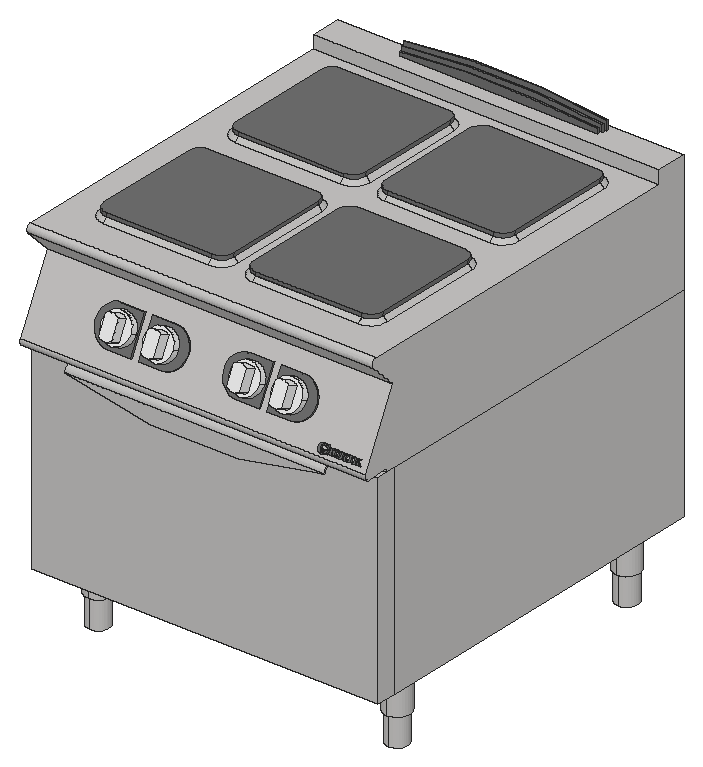
Revit family "QF_GIORIK_CE94QE", category Specialty Equipment, Revit 2014
Parameters (values of type "CE94QE")
  Weight in Pounds = 341.7161
  Watts = 22000 W
  Volts = 400 V
  URL Cutsheet = "www.giorik.com"
  URL = "www.giorik.com"
  Status [instance] = ""
  Specification by User [instance] = ""
  Specification by Manufacturer = ""
  Show Logo [instance] = yes
  Show Clearance [instance] = yes
  Serial Number = ""
  Seismic Rating = ""
  SMACNA No = ""
  Revision Code [instance] = ""
  Phase = 3
  Number of Poles [instance] = 3
  NAFEM Spec ID Number = ""
  Model = "CE94QE"
  Min Ckt Ampacity = 0 A
  Max Overcurrent Protection = 0 A
  Masterspec = ""
  Manufacturer = "GIORIK"
  Item Number [instance] = ""
  Installed By [instance] = ""
  Identify Quantity as Lot [instance] = no
  HP = "29.502440000000"
  Furnished By [instance] = ""
  Foodservice Equipment Identifier [instance] = yes
  FL Amps = 0 A
  Electrical Remarks [instance] = ""
  Electric Connection Type [instance] = ""
  Elec Conn RI Height [instance] = 0 mm
  Elec Conn Connection Height [instance] = 150 mm
  Description = "4 ELECTRIC PLATE HOB ON ELECTRIC OVEN"
  Cycle = 50 Hz
  Conn Plug = ""
  CSI MasterFormat = ""
  Assembly Code = "E1090320"
  Apparent Power = 22000 VA
Reference planes
  plane 1 "Back": y = 0
  plane 2: z = 0
  plane 3 "Left": x = 0
  plane 4 "Right": x = 800
  plane 5 "Front": y = -920
  plane 6 "Top": z = 900
Forms (mm)
  Extrusion 1, solid, visible <- "Show Logo"
    sketch origin (591.604, -936.624, 609.486) x (-1, 0, 0) y (0, 0.452718, 0.891654)
      loop
        line (-118.824, 58.358) -> (-127.804, 58.358) -> (-125.523, 56.445) -> (-125.523, 48.027) -> (-127.804, 46.113) -> (-118.824, 46.113) -> (-121.105, 48.027) -> (-121.105, 56.445) -> (-118.824, 58.358)
      loop
        line (-163.721, 58.358) -> (-172.7, 58.358) -> (-170.42, 56.445) -> (-170.42, 48.027) -> (-172.7, 46.113) -> (-163.721, 46.113) -> (-166.001, 48.027) -> (-166.001, 56.445) -> (-163.721, 58.358)
      loop
        line (-174.332, 58.358) -> (-183.312, 58.358) -> (-181.031, 56.445) -> (-181.031, 52.435) -> (-186.419, 56.955) -> (-184.416, 58.358) -> (-191.268, 58.358) -> (-188.01, 56.839) -> (-185.455, 54.283) -> (-190.846, 47.858) -> (-193.396, 46.93) -> (-193.396, 46.113) -> (-184.416, 46.113) -> (-185.437, 47.571) -> (-182.443, 51.552) -> (-181.031, 50.894) -> (-181.031, 48.027) -> (-183.312, 46.113) -> (-174.332, 46.113) -> (-176.613, 48.027) -> (-176.613, 56.445) -> (-174.332, 58.358)
      loop
        line (-115.429, 62.063) -> (-115.429, 54.198)
        arc (-115.429, 54.198) -> (-111.618, 57.803) -> (-106.847, 59.986) r 16.039
        arc (-106.847, 59.986) -> (-103.314, 59.837) -> (-100.512, 57.68) r 5.851
        arc (-100.512, 57.68) -> (-98.815, 52.267) -> (-100.512, 46.853) r 9.479
        arc (-100.512, 46.853) -> (-102.406, 44.986) -> (-104.846, 43.93) r 7.236
        arc (-104.846, 43.93) -> (-107.728, 44.111) -> (-110.052, 45.825) r 5.11
        line (-110.052, 45.825) -> (-110.052, 52.001) -> (-116.141, 52.001) -> (-116.141, 45.503) -> (-117.893, 43.751) -> (-114.094, 44.769)
        arc (-114.094, 44.769) -> (-112.56, 44.947) -> (-111.129, 44.366) r 3.115
        arc (-111.129, 44.366) -> (-104.216, 42.091) -> (-97.303, 44.366) r 11.641
        arc (-97.303, 44.366) -> (-93.396, 52.107) -> (-97.303, 59.849) r 9.622
        arc (-97.303, 59.849) -> (-104.369, 62.174) -> (-111.435, 59.849) r 11.898
        line (-111.435, 59.849) -> (-115.429, 62.063)
      loop
        arc (-129.234, 56.068) -> (-135.893, 58.628) -> (-142.552, 56.068) r 9.941
        arc (-142.552, 56.068) -> (-144.234, 52.286) -> (-142.552, 48.505) r 5.093
        arc (-142.552, 48.505) -> (-135.893, 45.945) -> (-129.234, 48.505) r 9.941
        arc (-129.234, 48.505) -> (-127.552, 52.286) -> (-129.234, 56.068) r 5.093
      loop
        arc (-132.628, 54.403) -> (-135.893, 57.668) -> (-139.158, 54.403) r 3.265
        line (-139.158, 54.403) -> (-139.158, 50.169)
        arc (-139.158, 50.169) -> (-135.893, 46.904) -> (-132.628, 50.169) r 3.265
        line (-132.628, 50.169) -> (-132.628, 54.403)
      loop
        arc (-156.363, 58.365) -> (-159.647, 55.081) -> (-156.363, 51.796) r 3.285
        line (-156.363, 51.796) -> (-159.529, 47.306) -> (-162.087, 46.113) -> (-155.847, 46.113) -> (-153.529, 51.083) -> (-150.637, 51.083) -> (-150.637, 47.784) -> (-153.022, 46.113) -> (-144.011, 46.113) -> (-146.094, 47.68) -> (-146.094, 56.493) -> (-144.229, 58.365) -> (-156.363, 58.365)
      loop
        line (-150.637, 57.512) -> (-153.637, 57.512)
        arc (-153.637, 57.512) -> (-156.237, 54.912) -> (-153.637, 52.312) r 2.6
        line (-153.637, 52.312) -> (-150.637, 52.312) -> (-150.637, 57.512)
      loop
        line (-108.924, 52.001) -> (-104.936, 49.005) -> (-100.948, 52.001) -> (-108.924, 52.001)
    from 1.5 to -0.5
  Extrusion 2, solid
    sketch origin (-16, 1025.948, 0) x (1, 0, 0) y (0, 1, 0)
      loop
        line (25, -1086.81) -> (25, -1156.81) -> (115, -1156.81) -> (115, -1086.81) -> (25, -1086.81)
    from 148 to 150
  Extrusion 3, solid
    sketch origin (-4, 0.138, 130) x (1, 0, 0) y (0, 1, 0)
      loop
        circle (54, -385) r 12.5
    from 0 to 20
  Extrusion 4, solid
    sketch origin (0, 800.138, -20) x (0, 1, 0) y (0, 0, 1)
      loop
        line (-800.138, 919.988) -> (-870.138, 919.988) -> (-870.138, 889.988) -> (-1688.806, 889.988)
        arc (-1688.806, 889.988) -> (-1699.151, 883.075) -> (-1696.724, 870.873) r 11.197
        line (-1696.724, 870.873) -> (-1640.876, 815.025) -> (-1718.948, 661.258)
        arc (-1718.948, 661.258) -> (-1718.233, 650.105) -> (-1708.118, 645.354) r 10.981
        line (-1708.118, 645.354) -> (-1660, 649.925) -> (-1660, 640) -> (-800.138, 640) -> (-800.138, 919.988)
    from 0 to 800
  Extrusion 5, solid
    sketch origin (0, -199.862, 599.536) x (1, 0, 0) y (0, 1, 0)
      loop
        line (0, -640) -> (40, -640) -> (40, 159.862) -> (760, 159.862) -> (760, -640) -> (800, -640) -> (800, 199.862) -> (0, 199.862) -> (0, -640)
    from -449.536 to 20.464
  Extrusion 6, solid
    sketch origin (0, -199.862, 0) x (1, 0, 0) y (0, 1, 0)
      loop
        line (40, 159.862) -> (40, -640) -> (760, -640) -> (760, 159.862) -> (40, 159.862)
    from 150 to 190
  Extrusion 7, solid
    sketch origin (-16, 360.948, 0) x (1, 0, 0) y (0, 1, 0)
      loop
        line (25, -1086.81) -> (25, -1156.81) -> (115, -1156.81) -> (115, -1086.81) -> (25, -1086.81)
    from 148 to 150
  Revolve 8, solid
    sketch origin (54, 360.948, 0) x (0, 1, 0) y (0, 0, 1)
      loop
        line (-1092.56, 66) -> (-1092.56, 148) -> (-1121.81, 148) -> (-1121.81, 0) -> (-1096.81, 0) -> (-1096.81, 66) -> (-1092.56, 66)
      axis (-1121.81, 0) -> (-1121.81, 148)
    angle from 0 to 360
  Revolve 9, solid
    sketch origin (54, 1025.948, 0) x (0, 1, 0) y (0, 0, 1)
      loop
        line (-1092.56, 66) -> (-1092.56, 148) -> (-1121.81, 148) -> (-1121.81, 0) -> (-1096.81, 0) -> (-1096.81, 66) -> (-1092.56, 66)
      axis (-1121.81, 0) -> (-1121.81, 148)
    angle from 0 to 360
  Extrusion 10, solid
    sketch origin (816, 360.948, 0) x (-1, 0, 0) y (0, -1, 0)
      loop
        line (25, 1086.81) -> (115, 1086.81) -> (115, 1156.81) -> (25, 1156.81) -> (25, 1086.81)
    from 148 to 150
  Revolve 11, solid
    sketch origin (746, 360.948, 0) x (0, 1, 0) y (0, 0, -1)
      loop
        line (-1092.56, -66) -> (-1096.81, -66) -> (-1096.81, 0) -> (-1121.81, 0) -> (-1121.81, -148) -> (-1092.56, -148) -> (-1092.56, -66)
      axis (-1121.81, 0) -> (-1121.81, -148)
    angle from 0 to 360
  Extrusion 12, solid
    sketch origin (816, -1217.672, 0) x (-1, 0, 0) y (0, -1, 0)
      loop
        line (25, -1086.81) -> (25, -1156.81) -> (115, -1156.81) -> (115, -1086.81) -> (25, -1086.81)
    from 148 to 150
  Revolve 13, solid
    sketch origin (746, -1217.672, 0) x (0, -1, 0) y (0, 0, 1)
      loop
        line (-1092.56, 66) -> (-1092.56, 148) -> (-1121.81, 148) -> (-1121.81, 0) -> (-1096.81, 0) -> (-1096.81, 66) -> (-1092.56, 66)
      axis (-1121.81, 0) -> (-1121.81, 148)
    angle from 0 to 360
  Extrusion 14, solid
    sketch origin (-220.755, -1163.208, 52.363) x (1, 0, 0) y (0, 0.452718, 0.891654)
      loop
        line (463.221, 676.25) -> (463.221, 766.25) -> (409.698, 766.25)
        arc (409.698, 766.25) -> (364.698, 721.25) -> (409.698, 676.25) r 45
        line (409.698, 676.25) -> (463.221, 676.25)
    from 48 to 50
  Extrusion 15, solid
    sketch origin (553.797, -1208.559, 74.959) x (-1, 0, 0) y (0, -0.45351, -0.891251)
      loop
        circle (351.331, -721.346) r 35
    from 0 to 15
  Extrusion 16, solid
    sketch origin (553.797, -1208.559, 74.959) x (-1, 0, 0) y (0, -0.45351, -0.891251)
      loop
        arc (336.331, -743.846) -> (351.331, -748.846) -> (366.331, -743.846) r 25
        line (366.331, -743.846) -> (366.331, -698.846)
        arc (366.331, -698.846) -> (351.331, -693.846) -> (336.331, -698.846) r 25
        line (336.331, -698.846) -> (336.331, -743.846)
    from 15 to 40
  Extrusion 17, solid
    sketch origin (723.221, -1163.208, 52.363) x (-1, 0, 0) y (0, -0.452718, -0.891654)
      loop
        line (463.221, -676.25) -> (409.698, -676.25)
        arc (409.698, -676.25) -> (364.698, -721.25) -> (409.698, -766.25) r 45
        line (409.698, -766.25) -> (463.221, -766.25) -> (463.221, -676.25)
    from 48 to 50
  Extrusion 18, solid
    sketch origin (-51.331, -1208.559, 74.959) x (1, 0, 0) y (0, 0.45351, 0.891251)
      loop
        circle (351.331, 721.346) r 35
    from 0 to 15
  Extrusion 19, solid
    sketch origin (-51.331, -1208.559, 74.959) x (1, 0, 0) y (0, 0.45351, 0.891251)
      loop
        line (336.331, 743.846) -> (336.331, 698.846)
        arc (336.331, 698.846) -> (351.331, 693.846) -> (366.331, 698.846) r 25
        line (366.331, 698.846) -> (366.331, 743.846)
        arc (366.331, 743.846) -> (351.331, 748.846) -> (336.331, 743.846) r 25
    from 15 to 40
  Extrusion 20, solid
    sketch origin (76.779, -1163.208, 52.363) x (1, 0, 0) y (0, 0.452718, 0.891654)
      loop
        line (463.221, 676.25) -> (463.221, 766.25) -> (409.698, 766.25)
        arc (409.698, 766.25) -> (364.698, 721.25) -> (409.698, 676.25) r 45
        line (409.698, 676.25) -> (463.221, 676.25)
    from 48 to 50
  Extrusion 21, solid
    sketch origin (851.331, -1208.559, 74.959) x (-1, 0, 0) y (0, -0.45351, -0.891251)
      loop
        circle (351.331, -721.346) r 35
    from 0 to 15
  Extrusion 22, solid
    sketch origin (851.331, -1208.559, 74.959) x (-1, 0, 0) y (0, -0.45351, -0.891251)
      loop
        arc (336.331, -743.846) -> (351.331, -748.846) -> (366.331, -743.846) r 25
        line (366.331, -743.846) -> (366.331, -698.846)
        arc (366.331, -698.846) -> (351.331, -693.846) -> (336.331, -698.846) r 25
        line (336.331, -698.846) -> (336.331, -743.846)
    from 15 to 40
  Extrusion 23, solid
    sketch origin (1020.755, -1163.208, 52.363) x (-1, 0, 0) y (0, -0.452718, -0.891654)
      loop
        line (463.221, -676.25) -> (409.698, -676.25)
        arc (409.698, -676.25) -> (364.698, -721.25) -> (409.698, -766.25) r 45
        line (409.698, -766.25) -> (463.221, -766.25) -> (463.221, -676.25)
    from 48 to 50
  Extrusion 24, solid
    sketch origin (246.203, -1208.559, 74.959) x (1, 0, 0) y (0, 0.45351, 0.891251)
      loop
        circle (351.331, 721.346) r 35
    from 0 to 15
  Extrusion 25, solid
    sketch origin (246.203, -1208.559, 74.959) x (1, 0, 0) y (0, 0.45351, 0.891251)
      loop
        line (336.331, 743.846) -> (336.331, 698.846)
        arc (336.331, 698.846) -> (351.331, 693.846) -> (366.331, 698.846) r 25
        line (366.331, 698.846) -> (366.331, 743.846)
        arc (366.331, 743.846) -> (351.331, 748.846) -> (336.331, 743.846) r 25
    from 15 to 40
  Extrusion 26, solid
    sketch origin (36.031, 0, -10.001) x (1, 0, 0) y (0, 0, 1)
      loop
        line (135, 909.989) -> (592.969, 909.989) -> (592.969, 919.989) -> (440.969, 929.989) -> (287, 929.989) -> (135, 919.989) -> (135, 909.989)
    from 32 to 35
  Extrusion 27, solid
    sketch origin (38, 10, -10.001) x (1, 0, 0) y (0, 0, 1)
      loop
        line (594, 909.989) -> (594, 924.989) -> (440, 937.489) -> (284, 937.489) -> (130, 925.001) -> (130, 909.989) -> (594, 909.989)
    from 32 to 35
  Extrusion 28, solid
    sketch origin (40, 20, -10.001) x (1, 0, 0) y (0, 0, 1)
      loop
        line (595, 909.989) -> (595, 930.001) -> (439, 945.258) -> (281, 945.258) -> (125, 929.989) -> (125, 909.989) -> (595, 909.989)
    from 32 to 35
  Extrusion 29, solid
    sketch origin (37, 2.638, 864.988) x (0, 1, 0) y (-1, 0, 0)
      loop
        arc (-121.5, -68) -> (-129.701, -48.201) -> (-149.5, -40) r 28
        line (-149.5, -40) -> (-393.5, -40)
        arc (-393.5, -40) -> (-413.299, -48.201) -> (-421.5, -68) r 28
        line (-421.5, -68) -> (-421.5, -311.998)
        arc (-421.5, -311.998) -> (-413.299, -331.797) -> (-393.5, -339.998) r 28
        line (-393.5, -339.998) -> (-149.5, -339.998)
        arc (-149.5, -339.998) -> (-129.701, -331.797) -> (-121.5, -311.998) r 28
        line (-121.5, -311.998) -> (-121.5, -68)
    from 23 to 15
  Blend 30, solid
    base sketch origin (781.36, -819.867, 869.988) x (0, 1, 0) y (-1, 0, 0)
      loop
        arc (710.004, 676.36) -> (699.167, 702.523) -> (673.004, 713.36) r 37
        line (673.004, 713.36) -> (429.004, 713.36)
        arc (429.004, 713.36) -> (402.841, 702.523) -> (392.004, 676.36) r 37
        line (392.004, 676.36) -> (392.004, 432.362)
        arc (392.004, 432.362) -> (402.841, 406.199) -> (429.004, 395.362) r 37
        line (429.004, 395.362) -> (673.004, 395.362)
        arc (673.004, 395.362) -> (699.167, 406.199) -> (710.004, 432.362) r 37
        line (710.004, 432.362) -> (710.004, 676.36)
    top sketch origin (781.36, -819.867, 900) x (0, 1, 0) y (-1, 0, 0)
      loop
        arc (701.004, 676.36) -> (692.803, 696.159) -> (673.004, 704.36) r 28
        line (673.004, 704.36) -> (429.004, 704.36)
        arc (429.004, 704.36) -> (409.205, 696.159) -> (401.004, 676.36) r 28
        line (401.004, 676.36) -> (401.004, 432.362)
        arc (401.004, 432.362) -> (409.205, 412.563) -> (429.004, 404.362) r 28
        line (429.004, 404.362) -> (673.004, 404.362)
        arc (673.004, 404.362) -> (692.803, 412.563) -> (701.004, 432.362) r 28
        line (701.004, 432.362) -> (701.004, 676.36)
    from 0 to -20.012
  Extrusion 31, solid
    sketch origin (37, -922.362, 864.988) x (0, -1, 0) y (1, 0, 0)
      loop
        line (-121.5, 68) -> (-121.5, 311.998)
        arc (-121.5, 311.998) -> (-129.701, 331.797) -> (-149.5, 339.998) r 28
        line (-149.5, 339.998) -> (-393.5, 339.998)
        arc (-393.5, 339.998) -> (-413.299, 331.797) -> (-421.5, 311.998) r 28
        line (-421.5, 311.998) -> (-421.5, 68)
        arc (-421.5, 68) -> (-413.299, 48.201) -> (-393.5, 40) r 28
        line (-393.5, 40) -> (-149.5, 40)
        arc (-149.5, 40) -> (-129.701, 48.201) -> (-121.5, 68) r 28
    from 23 to 15
  Blend 32, solid
    base sketch origin (781.36, -99.858, 869.988) x (0, -1, 0) y (1, 0, 0)
      loop
        line (710.004, -676.36) -> (710.004, -432.362)
        arc (710.004, -432.362) -> (699.167, -406.199) -> (673.004, -395.362) r 37
        line (673.004, -395.362) -> (429.004, -395.362)
        arc (429.004, -395.362) -> (402.841, -406.199) -> (392.004, -432.362) r 37
        line (392.004, -432.362) -> (392.004, -676.36)
        arc (392.004, -676.36) -> (402.841, -702.523) -> (429.004, -713.36) r 37
        line (429.004, -713.36) -> (673.004, -713.36)
        arc (673.004, -713.36) -> (699.167, -702.523) -> (710.004, -676.36) r 37
    top sketch origin (781.36, -99.858, 900) x (0, -1, 0) y (1, 0, 0)
      loop
        line (701.004, -676.36) -> (701.004, -432.362)
        arc (701.004, -432.362) -> (692.803, -412.563) -> (673.004, -404.362) r 28
        line (673.004, -404.362) -> (429.004, -404.362)
        arc (429.004, -404.362) -> (409.205, -412.563) -> (401.004, -432.362) r 28
        line (401.004, -432.362) -> (401.004, -676.36)
        arc (401.004, -676.36) -> (409.205, -696.159) -> (429.004, -704.36) r 28
        line (429.004, -704.36) -> (673.004, -704.36)
        arc (673.004, -704.36) -> (692.803, -696.159) -> (701.004, -676.36) r 28
    from 0 to -20.012
  Extrusion 33, solid
    sketch origin (763, 2.638, 864.988) x (0, 1, 0) y (-1, 0, 0)
      loop
        line (-121.5, 68) -> (-121.5, 311.998)
        arc (-121.5, 311.998) -> (-129.701, 331.797) -> (-149.5, 339.998) r 28
        line (-149.5, 339.998) -> (-393.5, 339.998)
        arc (-393.5, 339.998) -> (-413.299, 331.797) -> (-421.5, 311.998) r 28
        line (-421.5, 311.998) -> (-421.5, 68)
        arc (-421.5, 68) -> (-413.299, 48.201) -> (-393.5, 40) r 28
        line (-393.5, 40) -> (-149.5, 40)
        arc (-149.5, 40) -> (-129.701, 48.201) -> (-121.5, 68) r 28
    from 23 to 15
  Blend 34, solid
    base sketch origin (18.64, -819.867, 869.988) x (0, 1, 0) y (-1, 0, 0)
      loop
        line (710.004, -676.36) -> (710.004, -432.362)
        arc (710.004, -432.362) -> (699.167, -406.199) -> (673.004, -395.362) r 37
        line (673.004, -395.362) -> (429.004, -395.362)
        arc (429.004, -395.362) -> (402.841, -406.199) -> (392.004, -432.362) r 37
        line (392.004, -432.362) -> (392.004, -676.36)
        arc (392.004, -676.36) -> (402.841, -702.523) -> (429.004, -713.36) r 37
        line (429.004, -713.36) -> (673.004, -713.36)
        arc (673.004, -713.36) -> (699.167, -702.523) -> (710.004, -676.36) r 37
    top sketch origin (18.64, -819.867, 900) x (0, 1, 0) y (-1, 0, 0)
      loop
        line (701.004, -676.36) -> (701.004, -432.362)
        arc (701.004, -432.362) -> (692.803, -412.563) -> (673.004, -404.362) r 28
        line (673.004, -404.362) -> (429.004, -404.362)
        arc (429.004, -404.362) -> (409.205, -412.563) -> (401.004, -432.362) r 28
        line (401.004, -432.362) -> (401.004, -676.36)
        arc (401.004, -676.36) -> (409.205, -696.159) -> (429.004, -704.36) r 28
        line (429.004, -704.36) -> (673.004, -704.36)
        arc (673.004, -704.36) -> (692.803, -696.159) -> (701.004, -676.36) r 28
    from 0 to -20.012
  Extrusion 35, solid
    sketch origin (763, -922.362, 864.988) x (0, -1, 0) y (1, 0, 0)
      loop
        arc (-121.5, -68) -> (-129.701, -48.201) -> (-149.5, -40) r 28
        line (-149.5, -40) -> (-393.5, -40)
        arc (-393.5, -40) -> (-413.299, -48.201) -> (-421.5, -68) r 28
        line (-421.5, -68) -> (-421.5, -311.998)
        arc (-421.5, -311.998) -> (-413.299, -331.797) -> (-393.5, -339.998) r 28
        line (-393.5, -339.998) -> (-149.5, -339.998)
        arc (-149.5, -339.998) -> (-129.701, -331.797) -> (-121.5, -311.998) r 28
        line (-121.5, -311.998) -> (-121.5, -68)
    from 23 to 15
  Blend 36, solid
    base sketch origin (18.64, -99.858, 869.988) x (0, -1, 0) y (1, 0, 0)
      loop
        arc (710.004, 676.36) -> (699.167, 702.523) -> (673.004, 713.36) r 37
        line (673.004, 713.36) -> (429.004, 713.36)
        arc (429.004, 713.36) -> (402.841, 702.523) -> (392.004, 676.36) r 37
        line (392.004, 676.36) -> (392.004, 432.362)
        arc (392.004, 432.362) -> (402.841, 406.199) -> (429.004, 395.362) r 37
        line (429.004, 395.362) -> (673.004, 395.362)
        arc (673.004, 395.362) -> (699.167, 406.199) -> (710.004, 432.362) r 37
        line (710.004, 432.362) -> (710.004, 676.36)
    top sketch origin (18.64, -99.858, 900) x (0, -1, 0) y (1, 0, 0)
      loop
        arc (701.004, 676.36) -> (692.803, 696.159) -> (673.004, 704.36) r 28
        line (673.004, 704.36) -> (429.004, 704.36)
        arc (429.004, 704.36) -> (409.205, 696.159) -> (401.004, 676.36) r 28
        line (401.004, 676.36) -> (401.004, 432.362)
        arc (401.004, 432.362) -> (409.205, 412.563) -> (429.004, 404.362) r 28
        line (429.004, 404.362) -> (673.004, 404.362)
        arc (673.004, 404.362) -> (692.803, 412.563) -> (701.004, 432.362) r 28
        line (701.004, 432.362) -> (701.004, 676.36)
    from 0 to -20.012
  Extrusion 37, solid
    sketch origin (0, -924.862, 0) x (1, 0, 0) y (0, 0, 1)
      loop
        line (0, 620) -> (0, 150) -> (800, 150) -> (800, 620) -> (0, 620)
    from -85 to -40
  Extrusion 38, solid
    sketch origin (2.5, -924.862, -20.1) x (0, 1, 0) y (0, 0, 1)
      loop
        arc (25, 640.1) -> (14.393, 635.707) -> (10, 625.1) r 15
        line (10, 625.1) -> (12, 625.1)
        arc (12, 625.1) -> (15.808, 634.292) -> (25, 638.1) r 13
        line (25, 638.1) -> (40, 638.1) -> (40, 640.1) -> (25, 640.1)
    from 97.5 to 697.5
  Extrusion 39, solid
    sketch origin (2.5, -924.767, -20.1) x (1, 0, 0) y (0, 0, 1)
      loop
        arc (97.5, 625.1) -> (397.5, 582.413) -> (697.5, 625.1) r 1075.531
        line (697.5, 625.1) -> (97.5, 625.1)
    from -11.905 to -9.905
  Extrusion 40, solid, visible <- "Show Clearance", detail levels coarse
    sketch origin (0, -199.862, 0) x (0, 1, 0) y (0, 0, 1)
      loop
        line (-685, 150) -> (-685, 620)
        arc (-685, 620) -> (-1017.34, 482.34) -> (-1155, 150) r 470
        line (-1155, 150) -> (-685, 150)
    from 0 to 800
Lines and regions (mm)
  symbolic lines, style "200-EquipBorder-2D"
    curve 1: line (0, -919.862, 0) -> (800, -919.862, 0)
    curve 2: line (800, -919.862, 0) -> (800, 0, 0)
    curve 3: line (800, 0, 0) -> (0, 0, 0)
    curve 4: line (0, 0, 0) -> (0, -919.862, 0)
    curve 85: line (187.465, -927.276, 900) -> (187.465, -920, 900)
    curve 86: line (217.465, -927.276, 900) -> (217.465, -920, 900)
    curve 87: line (285, -927.276, 900) -> (285, -920, 900)
    curve 88: line (315, -927.276, 900) -> (315, -919.862, 900)
    curve 89: line (485, -927.276, 900) -> (485, -920, 900)
    curve 90: line (515, -927.276, 900) -> (515, -920, 900)
    curve 91: line (612.535, -927.276, 900) -> (612.535, -920, 900)
    curve 92: line (582.535, -927.276, 900) -> (582.535, -920, 900)
    curve 93: arc (582.535, -927.276, 900) -> (597.535, -929.977, 900) -> (612.535, -927.276, 900) r 42.998
    curve 94: arc (515, -927.276, 900) -> (500, -929.53, 900) -> (485, -927.276, 900) r 51.037
    curve 95: arc (285, -927.276, 900) -> (300, -929.528, 900) -> (315, -927.276, 900) r 51.082
    curve 96: arc (217.465, -927.276, 900) -> (202.465, -929.375, 900) -> (187.465, -927.276, 900) r 54.644
  symbolic lines, style "200-EquipInternal-2D"
    curve 5: line (0, -70, 900) -> (800, -70, 900)
    curve 6: line (165, -12, 900) -> (635, -12, 900)
    curve 7: line (635, -12, 900) -> (635, -15, 900)
    curve 8: line (635, -15, 900) -> (165, -15, 900)
    curve 9: line (165, -15, 900) -> (165, -12, 900)
    curve 10: line (168, -22, 900) -> (632, -22, 900)
    curve 11: line (632, -22, 900) -> (632, -25, 900)
    curve 12: line (632, -25, 900) -> (168, -25, 900)
    curve 13: line (168, -25, 900) -> (168, -22, 900)
    curve 14: line (171.031, -32, 900) -> (629, -32, 900)
    curve 15: line (629, -32, 900) -> (629, -35, 900)
    curve 16: line (629, -35, 900) -> (171.031, -35, 900)
    curve 17: line (171.031, -35, 900) -> (171.031, -32, 900)
    curve 18: arc (68, -146.862, 900) -> (78.837, -120.699, 900) -> (105, -109.862, 900) r 37
    curve 19: arc (105, -118.862, 900) -> (85.201, -127.063, 900) -> (77, -146.862, 900) r 28
    curve 20: line (105, -109.862, 900) -> (348.998, -109.862, 900)
    curve 21: line (348.998, -118.862, 900) -> (105, -118.862, 900)
    curve 22: line (68, -390.862, 900) -> (68, -146.862, 900)
    curve 23: line (77, -146.862, 900) -> (77, -390.862, 900)
    curve 24: arc (105, -427.862, 900) -> (78.837, -417.025, 900) -> (68, -390.862, 900) r 37
    curve 25: arc (77, -390.862, 900) -> (85.201, -410.661, 900) -> (105, -418.862, 900) r 28
    curve 26: line (348.998, -427.862, 900) -> (105, -427.862, 900)
    curve 27: line (105, -418.862, 900) -> (348.998, -418.862, 900)
    curve 28: arc (385.998, -390.862, 900) -> (375.161, -417.025, 900) -> (348.998, -427.862, 900) r 37
    curve 29: line (376.998, -390.862, 900) -> (376.998, -146.862, 900)
    curve 30: arc (348.998, -418.862, 900) -> (368.797, -410.661, 900) -> (376.998, -390.862, 900) r 28
    curve 31: line (385.998, -146.862, 900) -> (385.998, -390.862, 900)
    curve 32: arc (348.998, -109.862, 900) -> (375.161, -120.699, 900) -> (385.998, -146.862, 900) r 37
    curve 33: arc (376.998, -146.862, 900) -> (368.797, -127.063, 900) -> (348.998, -118.862, 900) r 28
    curve 34: line (414.002, -390.862, 900) -> (414.002, -146.862, 900)
    curve 35: line (423.002, -146.862, 900) -> (423.002, -390.862, 900)
    curve 36: arc (414.002, -146.862, 900) -> (424.839, -120.699, 900) -> (451.002, -109.862, 900) r 37
    curve 37: arc (451.002, -118.862, 900) -> (431.203, -127.063, 900) -> (423.002, -146.862, 900) r 28
    curve 38: line (451.002, -109.862, 900) -> (695, -109.862, 900)
    curve 39: line (695, -118.862, 900) -> (451.002, -118.862, 900)
    curve 40: arc (695, -109.862, 900) -> (721.163, -120.699, 900) -> (732, -146.862, 900) r 37
    curve 41: arc (723, -146.862, 900) -> (714.799, -127.063, 900) -> (695, -118.862, 900) r 28
    curve 42: line (732, -146.862, 900) -> (732, -390.862, 900)
    curve 43: line (723, -390.862, 900) -> (723, -146.862, 900)
    curve 44: arc (695, -418.862, 900) -> (714.799, -410.661, 900) -> (723, -390.862, 900) r 28
    curve 45: arc (732, -390.862, 900) -> (721.163, -417.025, 900) -> (695, -427.862, 900) r 37
    curve 46: line (451.002, -418.862, 900) -> (695, -418.862, 900)
    curve 47: line (695, -427.862, 900) -> (451.002, -427.862, 900)
    curve 48: arc (423.002, -390.862, 900) -> (431.203, -410.661, 900) -> (451.002, -418.862, 900) r 28
    curve 49: arc (451.002, -427.862, 900) -> (424.839, -417.025, 900) -> (414.002, -390.862, 900) r 37
    curve 50: line (77, -528.862, 900) -> (77, -772.862, 900)
    curve 51: line (68, -772.862, 900) -> (68, -528.862, 900)
    curve 52: line (105, -800.862, 900) -> (348.998, -800.862, 900)
    curve 53: line (385.998, -528.862, 900) -> (385.998, -772.862, 900)
    curve 54: line (376.998, -772.862, 900) -> (376.998, -528.862, 900)
    curve 55: line (105, -491.862, 900) -> (348.998, -491.862, 900)
    curve 56: line (348.998, -500.862, 900) -> (105, -500.862, 900)
    curve 57: line (695, -500.862, 900) -> (451.002, -500.862, 900)
    curve 58: line (451.002, -491.862, 900) -> (695, -491.862, 900)
    curve 59: line (414.002, -772.862, 900) -> (414.002, -528.862, 900)
    curve 60: line (423.002, -528.862, 900) -> (423.002, -772.862, 900)
    curve 61: line (695, -809.862, 900) -> (451.002, -809.862, 900)
    curve 62: line (451.002, -800.862, 900) -> (695, -800.862, 900)
    curve 63: line (348.998, -809.862, 900) -> (105, -809.862, 900)
    curve 64: arc (348.998, -800.862, 900) -> (368.797, -792.661, 900) -> (376.998, -772.862, 900) r 28
    curve 65: arc (732, -772.862, 900) -> (721.163, -799.025, 900) -> (695, -809.862, 900) r 37
    curve 66: line (732, -528.862, 900) -> (732, -772.862, 900)
    curve 67: line (723, -772.862, 900) -> (723, -528.862, 900)
    curve 68: arc (695, -491.862, 900) -> (721.163, -502.699, 900) -> (732, -528.862, 900) r 37
    curve 69: arc (414.002, -528.862, 900) -> (424.839, -502.699, 900) -> (451.002, -491.862, 900) r 37
    curve 70: arc (423.002, -772.862, 900) -> (431.203, -792.661, 900) -> (451.002, -800.862, 900) r 28
    curve 71: arc (695, -800.862, 900) -> (714.799, -792.661, 900) -> (723, -772.862, 900) r 28
    curve 72: arc (723, -528.862, 900) -> (714.799, -509.063, 900) -> (695, -500.862, 900) r 28
    curve 73: arc (451.002, -500.862, 900) -> (431.203, -509.063, 900) -> (423.002, -528.862, 900) r 28
    curve 74: arc (451.002, -809.862, 900) -> (424.839, -799.025, 900) -> (414.002, -772.862, 900) r 37
    curve 75: arc (348.998, -491.862, 900) -> (375.161, -502.699, 900) -> (385.998, -528.862, 900) r 37
    curve 76: arc (68, -528.862, 900) -> (78.837, -502.699, 900) -> (105, -491.862, 900) r 37
    curve 77: arc (77, -772.862, 900) -> (85.201, -792.661, 900) -> (105, -800.862, 900) r 28
    curve 78: arc (385.998, -772.862, 900) -> (375.161, -799.025, 900) -> (348.998, -809.862, 900) r 37
    curve 79: arc (376.998, -528.862, 900) -> (368.797, -509.063, 900) -> (348.998, -500.862, 900) r 28
    curve 80: arc (105, -500.862, 900) -> (85.201, -509.063, 900) -> (77, -528.862, 900) r 28
    curve 81: arc (105, -809.862, 900) -> (78.837, -799.025, 900) -> (68, -772.862, 900) r 37
  symbolic lines, style "QF_Door-Drawer Clearances", visible <- "Show Clearance", detail levels coarse
    curve 82: line (0, -920, 900) -> (0, -1354.862, 900)
    curve 83: line (800, -1354.862, 900) -> (800, -918.81, 900)
    curve 84: line (0, -1354.862, 900) -> (800, -1354.862, 900)
Dimensions and locks
  plane 3 "Left" to plane 4 "Right" = 800 mm
  plane 5 "Front" to plane 1 "Back" = 920 mm
  plane 4 "Right" to plane 3 "Left" = 800 mm
  plane 1 "Back" to plane 5 "Front" = 920 mm
  plane 6 "Top" to level = 900 mm  (x2)
  aligned and locked: level to plane 2
Connectors
  electrical at (50, -384.862, 130), driven by "Apparent Power", driven by "Volts", driven by "Number of Poles"
    settings: on Extrusion 3, index 1, voltage 400 V, apparent load 0 VA, apparent load phase1 22000 VA, apparent load phase2 0 VA, apparent load phase3 0 VA, power factor 1, load classification "Other", number of poles 3, system type 31, power factor state 1, is connector primary yes, connector utility no, sub classification motor no, connector description "Electrical connection"
